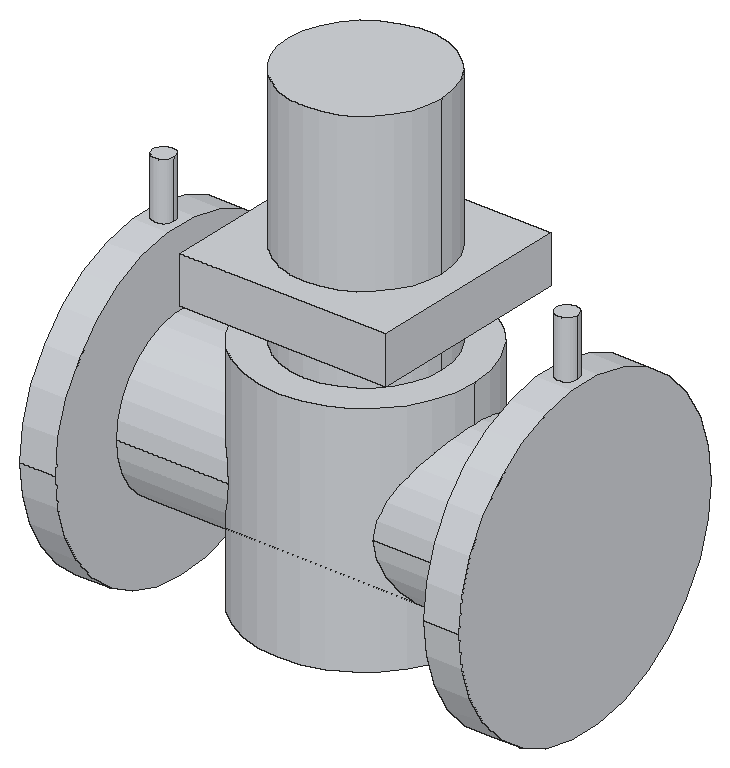
Revit family "PV_Compact_PN16_DN050_(20-100kPa)_RFA_2019", category Pipe Accessories, Revit 2019
Family settings
  Round Connector Dimension = Use Diameter
  Part Type = Valve - Breaks Into
  Work Plane-Based = No
  Always vertical = Yes
  Cut with Voids When Loaded = No
  Shared = No
Parameters (values of type "PV Compact PN16 DN050 (20-100kPa)")
  magiProductId = "00877ad72a9f485bb97ca64af9b4c2"
  magiProductFamilyId = "23d1f353e6b1477a88f64fef0dfa1d"
  magiPartTypeId = 304
  isMeasuringValve [instance] = no
  ang2D [instance] = 0.00°
  W2D = 50 mm
  VersionID = "2.0/2018.12.13.2/FRESE_PV_COMPACT_BIG_Q13_001"
  Use Minimum Symbol Size [instance] = no
  URL = "www.hydronic.cz"
  Type Comments = "PŘÍRUBOVÝ; PN16; dpmax=1000kPa; -10~+120°C"
  R4 = 40.25 mm
  R3 = 42.9 mm
  R1 = 57.5 mm
  QmdConnectorList = "301;D;302;D"
  Productdata [instance] = ""
  Manufacturer = "Hydronic Systems Prague s.r.o."
  Maintenance Zone Under Depth [instance] = 100 mm
  Maintenance Zone Right Depth [instance] = 100 mm
  Maintenance Zone Over Depth [instance] = 100 mm
  Maintenance Zone Left Depth [instance] = 100 mm
  Maintenance Zone Front Depth [instance] = 100 mm
  Maintenance Zone Back Depth [instance] = 100 mm
  Maintenance Zone Front Visibility [instance] = no
  MC Use Limits From Balancing Method = no
  MC Throttling Minimum Value = 0
  MC Throttling Maximum Value = 0
  MC Product Code = "53-3300 DN50 PN16; nastavitelný rozsah dp=20~100kPa; Q=3,2~13 m3/h;  kvs=29"
  MC Pressure Drop Minimum Value = 0.0 Pa
  MC Pressure Drop Maximum Value = 0.0 Pa
  MC Piping Given Pressure Drop [instance] = 0.0 Pa
  LF__ve = -LF  # -18.4 mm
  LF2 = 9.2 mm
  LF = 18.4 mm
  L4 = 108.1 mm
  L3 = 193.2 mm
  L2D_Min = 30.48 mm
  L2D = 230 mm
  L2 = 115 mm
  H6 = 82.25 mm
  H4 = 24.75 mm
  H3 = 20.625 mm
  H2 = 61.875 mm
  H1 = 123.75 mm
  Description = "Nastavitelný regulátor tlakové diference"
  DF2 = 82.5 mm
  D = 50 mm
  Clearance Zone Height Depth [instance] = 100 mm
  Clearance Zone Circular Radius [instance] = 115 mm
  Clearance Zone Visibility [instance] = no
  CAT0 = yes
Types (7, lengths in mm): name | magiProductId | Type Comments | R4 | R3 | R1 | MC Product Code | LF__ve | LF2 | LF | L4 | L3 | L2 | H6 | H4 | H3 | H2 | H1 | DF2 | D | Clearance Zone Circular Radius
  PV Compact PN16 DN050 (20-100kPa) | "00877ad72a9f485bb97ca64af9b4c2" | "PŘÍRUBOVÝ; PN16; dpmax=1000kPa; -10~+120°C" | 40.25 | 42.9 | 57.5 | "53-3300 DN50 PN16; nastavitelný rozsah dp=20~100kPa; Q=3,2~13 m3/h;  kvs=29" | -18.4 | 9.2 | 18.4 | 108.1 | 193.2 | 115 | 82.25 | 24.75 | 20.625 | 61.875 | 123.75 | 82.5 | 50 | 115
  PV Compact PN16 DN065 (20-100kPa) | "4caf92840fdb43d88ad3b460526bbd" | "PŘÍRUBOVÝ; PN16; dpmax=1000kPa; -10~+120°C" | 50.75 | 48.1 | 72.5 | "53-3303 DN65 PN16; nastavitelný rozsah dp=20~100kPa; Q=4,7~18,8 m3/h;  kvs=42" | -23.2 | 11.6 | 23.2 | 136.3 | 243.6 | 145 | 105.25 | 27.75 | 23.125 | 69.375 | 138.75 | 92.5 | 65 | 145
  PV Compact PN16 DN080 (20-100kPa) | "fe1ae4728650433e927a6ac465ecb1" | "PŘÍRUBOVÝ; PN16; dpmax=1000kPa; -10~+120°C" | 54.25 | 52 | 77.5 | "53-3306 DN80 PN16; nastavitelný rozsah dp=20~100kPa; Q=7,5~30 m3/h;  kvs=67" | -24.8 | 12.4 | 24.8 | 145.7 | 260.4 | 155 | 141 | 30 | 25 | 75 | 150 | 100 | 80 | 155
  PV Compact PN16 DN100 (20-100kPa) | "9ee8abb4b353443d9e820e5bd3bf33" | "PŘÍRUBOVÝ; PN16; dpmax=1000kPa; -10~+120°C" | 61.25 | 61.1 | 87.5 | "53-3309 DN100 PN16; nastavitelný rozsah dp=20~100kPa; Q=12,9~51,4 m3/h;  kvs=115" | -28 | 14 | 28 | 164.5 | 294 | 175 | 234.75 | 35.25 | 29.375 | 88.125 | 176.25 | 117.5 | 100 | 175
  PV Compact PN16 DN125 (20-100kPa) | "e22e3bcdfcda477085ce507150ab41" | "PŘÍRUBOVÝ; PN16; dpmax=1000kPa; -10~+120°C" | 70 | 70.2 | 100 | "53-3312 DN125 PN16; nastavitelný rozsah dp=20~100kPa; Q=19,0~76,0 m3/h;  kvs=170" | -32 | 16 | 32 | 188 | 336 | 200 | 225.5 | 40.5 | 33.75 | 101.25 | 202.5 | 135 | 125 | 200
  PV Compact PN16 DN150 (20-100kPa) | "c042f62d475c462ea84624600fc620" | "PŘÍRUBOVÝ; PN16; dpmax=1000kPa; -10~+120°C" | 84 | 74.1 | 120 | "53-3315 DN150 PN16; nastavitelný rozsah dp=20~100kPa; Q=28,0~112 m3/h;  kvs=250" | -38.4 | 19.2 | 38.4 | 225.6 | 403.2 | 240 | 256.25 | 42.75 | 35.625 | 106.875 | 213.75 | 142.5 | 150 | 240
  PV Compact PN16 DN200 (20-100kPa) | "073b87d1a570497386745af6d59d88" | "PŘÍRUBOVÝ; PN16; dpmax=1000kPa; -10~+110°C" | 105 | 98.8 | 150 | "53-3318 DN200 PN16; nastavitelný rozsah dp=20~100kPa; Q=30,7~123 m3/h;  kvs=275" | -48 | 24 | 48 | 282 | 504 | 300 | 150 | 57 | 47.5 | 142.5 | 285 | 190 | 200 | 300
Reference planes
  plane 1 "Center (Front/Back)": y = 0
  plane 2 "XYPLANE": z = 0
  plane 3 "Center (Left/Right)": x = 0
  plane 4 "257": y = -82.5
  plane 5 "256": y = 82.5
  plane 6 "255": z = -82.5
  plane 7 "254": y = -182.5
  plane 8 "253": y = 182.5
  plane 9 "252": x = -215
  plane 10 "251": x = 215
  plane 11 "250": z = 289.5
  plane 12 "249": z = -182.5
  plane 13 "248": z = 289.5
  plane 14 "247": z = 189.5
  plane 15 "157": x = 105.8
  plane 16 "156": x = -105.8
  plane 17 "155": z = 82.5
  plane 18 "154": z = 107.25
  plane 19 "153": z = 82.5
  plane 20 "152": z = 61.875
  plane 21 "151": x = -96.6
  plane 22 "150": z = -61.875
  plane 23 "149": x = 0
  plane 24 "148": y = 0
  plane 25 "147": z = 0
  plane 26 "146": x = -115
  plane 27 "145": x = 115
Forms (mm)
  Blend 1, solid, visible <- "Maintenance Zone Front Visibility"
    base sketch origin (-750, 0, -182.5) x (1, 0, 0) y (0, 1, 0)
      loop
        line (535, 182.5) -> (535, -182.5) -> (965, -182.5) -> (965, 182.5) -> (535, 182.5)
    top sketch origin (-750, 0, -182.5) x (1, 0, 0) y (0, 1, 0)
      loop
        line (535, 182.5) -> (535, -182.5) -> (965, -182.5) -> (965, 182.5) -> (535, 182.5)
    from 0 to 472
  Blend 2, solid, visible <- "Clearance Zone Visibility"
    base sketch origin (-750, 0, 0) x (1, 0, 0) y (0, 1, 0)
      loop
        circle (750, 0) r 115
    top sketch origin (-750, 0, 0) x (1, 0, 0) y (0, 1, 0)
      loop
        circle (750, 0) r 115
    from 0 to 289.5
  Extrusion 3, solid, visible <- "CAT0"
    sketch origin (-750, 0, 82.5) x (1, 0, 0) y (0, 1, 0)
      loop
        circle (855.8, 0) r 5.5
    from 0 to 30
  Extrusion 4, solid, visible <- "CAT0"
    sketch origin (-750, 0, 82.5) x (1, 0, 0) y (0, 1, 0)
      loop
        circle (644.2, 0) r 5.5
    from 0 to 30
  Extrusion 5, solid
    sketch origin (-750, 0, 107.25) x (1, 0, 0) y (0, 1, 0)
      loop
        circle (750, 0) r 40.25
    from 0 to 82.25 <- "H6"
  Extrusion 6, solid, visible <- "CAT0"
    sketch origin (-750, 0, 82.5) x (1, 0, 0) y (0, 1, 0)
      loop
        line (804.05, 54.05) -> (695.95, 54.05) -> (695.95, -54.05) -> (804.05, -54.05) -> (804.05, 54.05)
    from 0 to 24.75 <- "H4"
  Extrusion 7, solid, visible <- "CAT0"
    sketch origin (-750, 0, 61.875) x (1, 0, 0) y (0, 1, 0)
      loop
        circle (750, 0) r 40.25
    from 0 to 20.625 <- "H3"
  Extrusion 8, solid, visible <- "CAT0"
    sketch origin (-96.6, -750, 0) x (0, 1, 0) y (0, 0, 1)
      loop
        circle (750, 0) r 42.9
    from 0 to 193.2 <- "L3"
  Extrusion 9, solid, visible <- "CAT0"
    sketch origin (-750, 0, -61.875) x (1, 0, 0) y (0, 1, 0)
      loop
        circle (750, 0) r 57.5
    from 0 to 123.75 <- "H1"
  Extrusion 10, solid, visible <- "CAT0"
    sketch origin (-115, -750, 0) x (0, 1, 0) y (0, 0, 1)
      loop
        circle (750, 0) r 82.5
    from 0 to 18.4 <- "LF"
  Extrusion 11, solid, visible <- "CAT0"
    sketch origin (115, -750, 0) x (0, 1, 0) y (0, 0, 1)
      loop
        circle (750, 0) r 82.5
    from 0 to -18.4 <- "LF__ve"
  Extrusion 12, solid, not visible
    sketch origin (-115, -750, 0) x (0, 1, 0) y (0, 0, 1)
      loop
        circle (750, 0) r 10
    from 0 to 10
  Extrusion 13, solid, not visible
    sketch origin (115, -750, 0) x (0, 1, 0) y (0, 0, 1)
      loop
        circle (750, 0) r 10
    from 0 to -10
Lines and regions (mm)
  reference lines, not visible
    curve 1: circle (2, 2, 0) r 1 normal (0, 0, 1)
  reference lines
    curve 2: circle (0, 0, 82.5) r 1 normal (0, 0, 1)
Dimensions and locks
  plane 1 "Center (Front/Back)" to curve 1 = 2 mm
  "DF2": plane 24 "148" to plane 4 "257"
  "DF2": plane 24 "148" to plane 5 "256"
  "DF2": plane 25 "147" to plane 6 "255"
  "Maintenance Zone Front Depth": plane 4 "257" to plane 7 "254"
  "Maintenance Zone Back Depth": plane 5 "256" to plane 8 "253"
  "Maintenance Zone Left Depth": plane 26 "146" to plane 9 "252"
  "Maintenance Zone Right Depth": plane 27 "145" to plane 10 "251"
  "Maintenance Zone Over Depth": plane 14 "247" to plane 11 "250"
  "Maintenance Zone Under Depth": plane 6 "255" to plane 12 "249"
  "Clearance Zone Height Depth": plane 14 "247" to plane 13 "248"
  "H6": plane 18 "154" to plane 14 "247"
  "LF2": plane 27 "145" to plane 15 "157"
  "LF2": plane 26 "146" to plane 16 "156"
  "DF2": plane 2 "XYPLANE" to plane 17 "155"
  "H4": plane 19 "153" to plane 18 "154"
  "H3": plane 20 "152" to plane 19 "153"
  "H1": plane 22 "150" to plane 20 "152"
  "LF": plane 26 "146" to plane 21 "151"
  "H2": plane 2 "XYPLANE" to plane 22 "150"
  locked: plane 3 "Center (Left/Right)" to plane 23 "149"
  locked: plane 1 "Center (Front/Back)" to plane 24 "148"
  locked: plane 2 "XYPLANE" to plane 25 "147"
  "L2": plane 3 "Center (Left/Right)" to plane 26 "146"
  "L2": plane 3 "Center (Left/Right)" to plane 27 "145"
  Blend 1 sketch curve to Blend 1 sketch curve = 0 mm  (x16)
  equal spacing: Extrusion 6 sketch curve, curve 2, Extrusion 6 sketch curve  (x2)
  "L4": Extrusion 6 sketch curve to Extrusion 6 sketch curve  (x2)
  Extrusion 6 sketch curve to Extrusion 6 sketch curve = 0 mm  (x8)
  "Clearance Zone Circular Radius": radius of Blend 2 sketch curve  (x2)
  "R4": radius of Extrusion 5 sketch curve
  "R4": radius of Extrusion 7 sketch curve
  "R3": radius of Extrusion 8 sketch curve
  "R1": radius of Extrusion 9 sketch curve
  "DF2": radius of Extrusion 10 sketch curve
  "DF2": radius of Extrusion 11 sketch curve
  aligned and locked: level to plane 2 "XYPLANE"
  aligned and locked: Blend 1 sketch curve to plane 8 "253"  (x2)
  aligned and locked: plane 9 "252" to Blend 1 sketch curve  (x4)
  aligned and locked: plane 10 "251" to Blend 1 sketch curve  (x4)
  aligned and locked: plane 8 "253" to Blend 1 sketch curve  (x2)
  aligned and locked: plane 7 "254" to Blend 1 sketch curve  (x4)
  aligned and locked: plane 11 "250" to Blend 1
  aligned and locked: plane 23 "149" to Blend 2 sketch curve  (x2)
  aligned and locked: plane 24 "148" to Blend 2 sketch curve  (x2)
  aligned and locked: plane 13 "248" to Blend 2
  aligned and locked: plane 15 "157" to Extrusion 3 sketch curve
  aligned and locked: plane 24 "148" to Extrusion 3 sketch curve
  aligned and locked: plane 16 "156" to Extrusion 4 sketch curve
  aligned and locked: plane 24 "148" to Extrusion 4 sketch curve
  aligned and locked: plane 23 "149" to Extrusion 5 sketch curve
  aligned and locked: plane 24 "148" to Extrusion 5 sketch curve
  aligned and locked: plane 23 "149" to curve 2
  aligned and locked: plane 24 "148" to curve 2
  aligned and locked: plane 23 "149" to Extrusion 7 sketch curve
  aligned and locked: plane 24 "148" to Extrusion 7 sketch curve
  aligned and locked: Extrusion 8 sketch curve to plane 24 "148"
  aligned and locked: plane 25 "147" to Extrusion 8 sketch curve
  aligned and locked: plane 23 "149" to Extrusion 9 sketch curve
  aligned and locked: plane 24 "148" to Extrusion 9 sketch curve
  aligned and locked: Extrusion 10 sketch curve to plane 24 "148"
  aligned and locked: plane 25 "147" to Extrusion 10 sketch curve
  aligned and locked: Extrusion 11 sketch curve to plane 24 "148"
  aligned and locked: plane 25 "147" to Extrusion 11 sketch curve
  aligned and locked: Extrusion 12 sketch curve to plane 24 "148"
  aligned and locked: plane 25 "147" to Extrusion 12 sketch curve
  aligned and locked: Extrusion 13 sketch curve to plane 24 "148"
  aligned and locked: plane 25 "147" to Extrusion 13 sketch curve
Automatic sketch dimensions
  Extrusion 3 sketch curve to plane 15 "157" = 5.5 mm
  plane 26 "146" to Extrusion 4 sketch curve = 3.7 mm
  plane 1 "Center (Front/Back)" to Extrusion 12 sketch curve = 10 mm
  plane 1 "Center (Front/Back)" to Extrusion 13 sketch curve = 10 mm
  plane 3 "Center (Left/Right)" to curve 1 = 2 mm
  plane 21 "151" to Extrusion 6 sketch curve = 42.55 mm
  plane 4 "257" to Extrusion 6 sketch curve = 28.45 mm
  radius of curve 2 = 1 mm
  radius of curve 1 = 1 mm
Connectors
  piping at (-115, 0, 0), diameter 50, driven by "D"
    settings: on Extrusion 12, index 1, connector inside diameter 609.6 mm, connector length 0 mm, flow factor 0, pipe flow 0.0 L/s, pressure drop 0.0 Pa, fitting loss kfactor 0, connector angle 0.00°, fixture units 0, engagement length 0 mm, angle of deflection 0.00°, flow configuration 0, flow direction 0, fitting loss method 0, system type 29, joint type 0, gender type 0, connector reference index 2, connector utility 0, adjustable connector no, is connector primary yes, connector description ""
  piping at (115, 0, 0), diameter 50, driven by "D"
    settings: on Extrusion 13, index 2, connector inside diameter 609.6 mm, connector length 0 mm, flow factor 0, pipe flow 0.0 L/s, pressure drop 0.0 Pa, fitting loss kfactor 0, connector angle 0.00°, fixture units 0, engagement length 0 mm, angle of deflection 0.00°, flow configuration 0, flow direction 0, fitting loss method 0, system type 29, joint type 0, gender type 0, connector reference index 1, connector utility 0, adjustable connector no, is connector primary no, connector description ""
